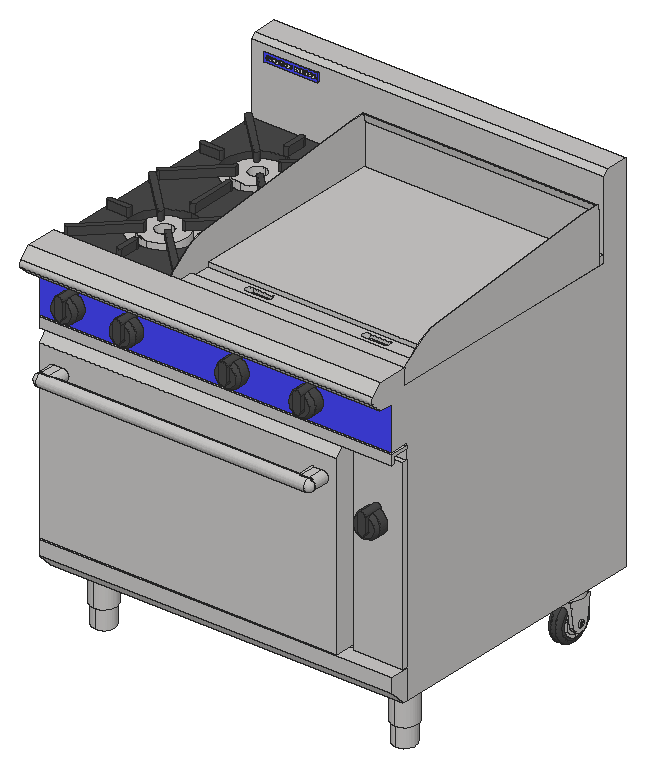
Revit family "QF_MOFFAT_BLUESEAL_CE_G506B", category Specialty Equipment, Revit 2012 (continued)
Automatic sketch dimensions
  plane 9 to curve 53 = 44.134 mm
  curve 54 to curve 55 = 4.041 mm
  curve 53 to curve 52 = 8.66 mm
  curve 55 to plane 17 = 3.385 mm
  curve 53 to curve 55 = 4.041 mm
  plane 17 to curve 59 = 13.615 mm
  curve 57 to plane 17 = 3.385 mm
  curve 59 to curve 57 = 4.041 mm
  plane 17 to curve 58 = 8.615 mm
  curve 52 to curve 58 = 8.66 mm
  plane 17 to curve 57 = 1.615 mm
  curve 58 to curve 57 = 4.041 mm
  curve 66 to plane 17 = 1.385 mm
  curve 66 to plane 17 = 8.385 mm
  curve 66 to curve 66 = 4.041 mm
  plane 17 to curve 60 = 13.615 mm
  curve 67 to curve 60 = 8.66 mm
  curve 66 to curve 64 = 8.66 mm
  plane 16 to curve 60 = 26.253 mm
  curve 61 to curve 64 = 4.041 mm
  plane 17 to curve 62 = 8.615 mm
  curve 60 to curve 62 = 8.66 mm
  plane 17 to curve 62 = 1.615 mm
  curve 61 to curve 62 = 4.041 mm
  curve 65 to curve 66 = 5 mm
  plane 8 "Center X" to curve 16 = 15 mm
  curve 58 to curve 66 = 50.679 mm
  curve 20 to curve 16 = 8.27 mm
  plane 7 "Center Y" to curve 52 = 110.753 mm
  curve 15 to curve 29 = 25.97 mm
  curve 68 to plane 5 "FRONT" = 28.03 mm
  curve 4 to curve 69 = 12.5 mm
  plane 21 to Extrusion 2 sketch curve = 44 mm
  plane 18 to Extrusion 2 sketch curve = 21 mm
  Extrusion 2 sketch curve to Extrusion 2 sketch curve = 24 mm
  Extrusion 22 sketch curve to plane 21 = 6 mm
  level to Extrusion 22 sketch curve = 150 mm
  Extrusion 22 sketch curve to Extrusion 22 sketch curve = 36 mm
  plane 21 to Extrusion 22 sketch curve = 8 mm
  radius of Extrusion 6 sketch curve = 10 mm
  radius of Extrusion 31 sketch curve = 85 mm  (x2)
  radius of Extrusion 33 sketch curve = 57 mm  (x2)
  radius of Extrusion 33 sketch curve = 22 mm  (x2)
Nested families
  nested 1: "WALDORF LOGO_FACE BASE" at (32, -70, 1056.385) x (1, 0, 0) z (0, -1, 0), visible <- "Show Logo", type "WALDORF LOGO_FACE BASE", detail levels medium+fine
    with Show Logo yes
  nested 2: "GAS GRIDDLE PLATE 600" at (300, -85, 874.5), type "GAS GRIDDLE PLATE 600"
    with Width 600 mm, Type Mark "", Status "", Specification by User "", Revision Code "", Item Number "", Installed By "", Identify Quantity as Lot yes, Furnished By "", Foodservice Equipment Identifier yes, Depth 620 mm
Connectors
  piping at (770, -32, 655)
    settings: on Extrusion 6, index 4, connector radius 0.37402", flow factor 0, pipe flow 0 GPM, pressure drop 0.00 psi, fitting loss kfactor 0, connector angle 0.00°, fixture units 0, engagement length 0 mm, flow configuration 1, flow direction 1, fitting loss method 0, system type 7, joint type 0, gender type 0, connector reference index -1, connector utility 0, adjustable connector no, is connector primary yes, fitting loss table "", connector description "GAS CONNECTION"
Definition of nested family "WALDORF LOGO_FACE BASE"
  Parameters (values of type "WALDORF LOGO_FACE BASE")
    Show Logo [instance] = yes
    Default Elevation = 1219.2 mm
  Reference planes
    plane 1 "Center (Front/Back)": y = 0
    plane 2: z = 0
    plane 3 "Center (Left/Right)": x = 0
  Forms (mm)
    Extrusion 1, solid
      sketch origin (0, 0, 0) x (1, 0, 0) y (0, 1, 0)
        loop
          line (-1219.2, 1219.2) -> (-1219.2, -1219.2) -> (1219.2, -1219.2) -> (1219.2, 1219.2) -> (-1219.2, 1219.2)
      from 0 to -304.8
    Extrusion 2, solid, material "QF_Finishes_Blue", visible <- "Show Logo"
      sketch origin (0, -33.217, 0) x (1, 0, 0) y (0, 1, 0)
        loop
          arc (138, 31.942) -> (137.626, 32.844) -> (136.724, 33.217) r 1.276
          line (136.724, 33.217) -> (1.29, 33.217)
          arc (1.29, 33.217) -> (0.378, 32.839) -> (0, 31.927) r 1.29
          line (0, 31.927) -> (0, 11.507)
          arc (0, 11.507) -> (0.378, 10.595) -> (1.29, 10.217) r 1.29
          line (1.29, 10.217) -> (136.71, 10.217)
          arc (136.71, 10.217) -> (137.622, 10.595) -> (138, 11.507) r 1.29
          line (138, 11.507) -> (138, 31.942)
      from 0 to 1.588
    Extrusion 3, solid, material "QF_Finishes_White", visible <- "Show Logo"
      sketch origin (0, -33.217, 1.588) x (1, 0, 0) y (0, 1, 0)
        loop
          arc (108.946, 25.919) -> (107.613, 25.367) -> (107.061, 24.034) r 1.885
          line (107.061, 24.034) -> (107.061, 17.211) -> (112.704, 17.211) -> (112.704, 19.129) -> (115.546, 19.129) -> (115.546, 17.211) -> (121.584, 17.211) -> (121.584, 24.075)
          arc (121.584, 24.075) -> (121.043, 25.379) -> (119.739, 25.919) r 1.845
          line (119.739, 25.919) -> (108.946, 25.919)
        loop
          line (123.478, 25.919) -> (123.478, 17.163) -> (134.904, 17.163) -> (134.904, 19.129) -> (129.246, 19.129) -> (129.246, 25.919) -> (123.478, 25.919)
        loop
          line (112.704, 21.258) -> (115.546, 21.258) -> (115.546, 22.702)
          arc (115.546, 22.702) -> (115.344, 23.188) -> (114.858, 23.389) r 0.687
          line (114.858, 23.389) -> (113.363, 23.389)
          arc (113.363, 23.389) -> (112.897, 23.196) -> (112.704, 22.73) r 0.658
          line (112.704, 22.73) -> (112.704, 21.258)
        loop
          line (105.071, 25.919) -> (93.771, 25.919) -> (93.771, 17.163) -> (105.071, 17.163) -> (105.071, 19.063) -> (99.535, 19.063) -> (99.535, 20.437) -> (105.071, 20.437) -> (105.071, 22.278) -> (99.535, 22.278) -> (99.535, 23.587) -> (105.071, 23.587) -> (105.071, 25.919)
        loop
          line (91.104, 25.919) -> (79.541, 25.919)
          arc (79.541, 25.919) -> (78.558, 25.513) -> (78.152, 24.53) r 1.389
          line (78.152, 24.53) -> (78.152, 22.08)
          arc (78.152, 22.08) -> (78.558, 21.098) -> (79.541, 20.691) r 1.389
          line (79.541, 20.691) -> (86.346, 20.691) -> (86.346, 18.864) -> (83.266, 18.864) -> (83.266, 19.664) -> (78.152, 19.664) -> (78.152, 18.553)
          arc (78.152, 18.553) -> (78.558, 17.57) -> (79.541, 17.163) r 1.389
          line (79.541, 17.163) -> (91.063, 17.163)
          arc (91.063, 17.163) -> (92.045, 17.57) -> (92.452, 18.553) r 1.389
          line (92.452, 18.553) -> (92.452, 20.691)
          arc (92.452, 20.691) -> (92.045, 21.673) -> (91.063, 22.08) r 1.389
          line (91.063, 22.08) -> (83.266, 22.08) -> (83.266, 23.984) -> (86.346, 23.984) -> (86.346, 22.743) -> (92.452, 22.743) -> (92.452, 24.571)
          arc (92.452, 24.571) -> (92.057, 25.524) -> (91.104, 25.919) r 1.348
        loop
          line (70.705, 25.919) -> (59.405, 25.919) -> (59.405, 17.163) -> (70.705, 17.163) -> (70.705, 19.063) -> (65.169, 19.063) -> (65.169, 20.437) -> (70.705, 20.437) -> (70.705, 22.278) -> (65.169, 22.278) -> (65.169, 23.587) -> (70.705, 23.587) -> (70.705, 25.919)
        loop
          line (57.598, 25.919) -> (51.7, 25.919) -> (51.7, 20.18)
          arc (51.7, 20.18) -> (50.63, 19.11) -> (49.56, 20.18) r 1.07
          line (49.56, 20.18) -> (49.56, 25.919) -> (43.663, 25.919) -> (43.663, 19.049)
          arc (43.663, 19.049) -> (44.215, 17.716) -> (45.548, 17.163) r 1.885
          line (45.548, 17.163) -> (55.71, 17.163)
          arc (55.71, 17.163) -> (57.045, 17.716) -> (57.598, 19.051) r 1.887
          line (57.598, 19.051) -> (57.598, 25.919)
        loop
          line (31.62, 25.919) -> (31.62, 17.163) -> (43.046, 17.163) -> (43.046, 19.129) -> (37.388, 19.129) -> (37.388, 25.919) -> (31.62, 25.919)
        loop
          line (15.969, 25.919) -> (15.969, 17.163) -> (28.693, 17.163)
          arc (28.693, 17.163) -> (29.812, 17.627) -> (30.276, 18.746) r 1.582
          line (30.276, 18.746) -> (30.276, 20.447) -> (29.48, 21.243) -> (30.276, 22.039) -> (30.276, 24.332)
          arc (30.276, 24.332) -> (29.811, 25.454) -> (28.688, 25.919) r 1.587
          line (28.688, 25.919) -> (15.969, 25.919)
        loop
          line (21.449, 24.159) -> (21.449, 22.436) -> (23.862, 22.436)
          arc (23.862, 22.436) -> (24.723, 23.298) -> (23.862, 24.159) r 0.861
          line (23.862, 24.159) -> (21.449, 24.159)
        loop
          line (21.449, 20.244) -> (21.449, 18.522) -> (23.862, 18.522)
          arc (23.862, 18.522) -> (24.723, 19.383) -> (23.862, 20.244) r 0.861
          line (23.862, 20.244) -> (21.449, 20.244)
      from 0 to 0.2
    Extrusion 4, solid, material "QF_Finishes_Blue", visible <- "Show Logo"
      sketch origin (-126.498, -31.09, 1.588) x (1, 0, 0) y (0, 1, 0)
        loop
          line (136.738, 23.522) -> (136.738, 15.1)
          arc (136.738, 15.1) -> (140.756, 19.311) -> (136.738, 23.522) r 4.216
      from 0 to 0.2
    Extrusion 5, solid, material "QF_Finishes_Red", visible <- "Show Logo"
      sketch origin (146.849, -31.09, 1.588) x (-1, 0, 0) y (0, -1, 0)
        loop
          arc (136.738, -23.522) -> (140.756, -19.311) -> (136.738, -15.1) r 4.216
          line (136.738, -15.1) -> (136.738, -23.522)
      from 0 to 0.2
  Lines and regions (mm)
    Split face 1
      outline origin (-90.35, -30.793, 1.588) x (1, 0, 0) y (0, 1, 0)
        loop
          circle (100.54, 19.013) r 4.536
  Dimensions and locks
    aligned and locked: plane 2 to Extrusion 1
    aligned and locked: level to Extrusion 1
Definition of nested family "GAS GRIDDLE PLATE 600"
  Parameters (values of type "GAS GRIDDLE PLATE 600")
    Width [instance] = 600 mm
    Weight in Pounds = 0
    URL Cutsheet = ""
    Type Mark [instance] = ""
    Status [instance] = ""
    Specification by User [instance] = ""
    Specification by Manufacturer = ""
    Serial Number = ""
    Seismic Rating = ""
    SMACNA No = ""
    Revision Code [instance] = ""
    Omniclass Number and Title = ""
    NAFEM Spec ID Number = ""
    Masterspec = ""
    Item Number [instance] = ""
    Installed By [instance] = ""
    Identify Quantity as Lot [instance] = yes
    Furnished By [instance] = ""
    Foodservice Equipment Identifier [instance] = yes
    Depth [instance] = 620 mm
    CSI MasterFormat = ""
    CSI Master Format = ""
  Reference planes
    plane 1 "BACK": y = 0
    plane 2: z = 0
    plane 3 "LEFT": x = 0
    plane 4 "RIGHT": x = 600
    plane 5 "FRONT": y = -620
    plane 6 "TOP": z = 142.5
    plane 7 "Center Y": x = 300
    plane 8 "Center X": y = -310
    plane 9: y = -530.997
    plane 10: y = -541.497
    plane 11: y = -503.25
    plane 12: y = -557.737
  Forms (mm)
    Extrusion 1, solid, material "QF_Finishes_Stainless Steel"
      sketch origin (0, 70.003, -874.5) x (0, 1, 0) y (0, 0, 1)
        loop
          line (-70, 875) -> (-70, 997.489) -> (-75.228, 1017) -> (-117.24, 1017) -> (-589.533, 971.523)
          arc (-589.533, 971.523) -> (-614.56, 965.803) -> (-637.306, 953.899) r 100
          line (-637.306, 953.899) -> (-690.003, 917) -> (-690.003, 875) -> (-70, 875)
      from 0 to 1.8
    Extrusion 2, solid, material "QF_Finishes_Stainless Steel"
      sketch origin (600, 70.003, -874.5) x (0, -1, 0) y (0, 0, 1)
        loop
          line (70, 875) -> (690.003, 875) -> (690.003, 917) -> (637.306, 953.899)
          arc (637.306, 953.899) -> (614.56, 965.803) -> (589.533, 971.523) r 100
          line (589.533, 971.523) -> (117.24, 1017) -> (75.228, 1017) -> (70, 997.489) -> (70, 875)
      from 0 to 1.2
    Extrusion 3, solid, material "QF_Finishes_Stainless Steel"
      sketch origin (150, 70.003, -874.5) x (0, 1, 0) y (0, 0, 1)
        loop
          line (-55, 895) -> (-573.253, 895) -> (-573.253, 884.5) -> (-627.74, 884.5) -> (-627.74, 895) -> (-690.003, 895) -> (-690.003, 875) -> (-55, 875) -> (-55, 895)
      from -148.2 to 448.8
    Extrusion 4, void
      sketch origin (150, -541.497, 10) x (0, -1, 0) y (1, 0, 0)
        loop
          arc (-7.497, 25.113) -> (-17.497, 35.113) -> (-27.497, 25.113) r 10
          line (-27.497, 25.113) -> (-27.497, -24.887)
          arc (-27.497, -24.887) -> (-17.497, -34.887) -> (-7.497, -24.887) r 10
          line (-7.497, -24.887) -> (-7.497, 25.113)
        loop
          line (-7.497, 274.887) -> (-7.497, 324.887)
          arc (-7.497, 324.887) -> (-17.497, 334.887) -> (-27.497, 324.887) r 10
          line (-27.497, 324.887) -> (-27.497, 274.887)
          arc (-27.497, 274.887) -> (-17.497, 264.887) -> (-7.497, 274.887) r 10
      from -41.4 to 40.142
    Extrusion 5, solid, material "QF_Finishes_Stainless Steel"
      sketch origin (0, 70.003, -874.5) x (0, 1, 0) y (0, 0, 1)
        loop
          line (-70, 875) -> (-70, 997.489) -> (-75.228, 1017) -> (-76.884, 1017) -> (-71.6, 997.278) -> (-71.6, 875) -> (-70, 875)
      from 0 to 598.8
  Cuts and joins
    Extrusion 4 cuts Extrusion 3
    joined: Extrusion 1, Extrusion 2, Extrusion 3
  Lines and regions (mm)
    symbolic lines
      curve 1: line (600, -503.25, 0) -> (0, -503.25, 0)
      curve 2: line (0, -557.737, 0) -> (600, -557.737, 0)
      curve 3: line (0, -1.68, 0) -> (600, -1.68, 0)
      curve 4: line (600, -1.68, 0) -> (600, -620, 0)
      curve 5: line (0, -620, 0) -> (0, -1.68, 0)
      curve 6: line (0, -620, 0) -> (600, -620, 0)
      curve 7: arc (175.113, -534, 0) -> (185.113, -524, 0) -> (175.113, -514, 0) r 10
      curve 8: line (175.113, -514, 0) -> (125.113, -514, 0)
      curve 9: arc (125.113, -514, 0) -> (115.113, -524, 0) -> (125.113, -534, 0) r 10
      curve 10: line (125.113, -534, 0) -> (175.113, -534, 0)
      curve 11: arc (424.887, -534, 0) -> (414.887, -524, 0) -> (424.887, -514, 0) r 10
      curve 12: line (424.887, -514, 0) -> (474.887, -514, 0)
      curve 13: arc (474.887, -514, 0) -> (484.887, -524, 0) -> (474.887, -534, 0) r 10
      curve 14: line (474.887, -534, 0) -> (424.887, -534, 0)
  Dimensions and locks
    equal spacing: plane 3 "LEFT", plane 7 "Center Y", plane 4 "RIGHT"
    "Width": plane 3 "LEFT" to plane 4 "RIGHT"
    equal spacing: plane 5 "FRONT", plane 8 "Center X", plane 1 "BACK"
    "Depth": plane 5 "FRONT" to plane 1 "BACK"
    locked: Extrusion 2 to Extrusion 2 at 1.2
    aligned and locked: level to plane 2
    aligned and locked: Extrusion 2 to plane 4 "RIGHT"
    aligned and locked: curve 1 to plane 11
    aligned and locked: plane 12 to curve 2
    aligned and locked: Extrusion 5 to cut or joined group of Extrusion 1, Extrusion 2, Extrusion 3, Extrusion 4
  Automatic sketch dimensions
    Extrusion 1 sketch curve to plane 5 "FRONT" = 0 mm
    Extrusion 1 sketch curve to plane 6 "TOP" = 0 mm
    plane 12 to Extrusion 1 sketch curve = 9.566 mm
    plane 11 to Extrusion 1 sketch curve = 16.28 mm
    Extrusion 1 sketch curve to level = 2.516 mm
    plane 11 to Extrusion 1 sketch curve = 6.695 mm
    plane 1 "BACK" to Extrusion 1 sketch curve = 47.237 mm
    plane 1 "BACK" to Extrusion 1 sketch curve = 5.225 mm
    Extrusion 1 sketch curve to plane 1 "BACK" = 0.003 mm
    level to Extrusion 1 sketch curve = 0.5 mm
    Extrusion 1 sketch curve to Extrusion 1 sketch curve = 42 mm
    Extrusion 1 sketch curve to plane 6 "TOP" = 63.101 mm
    Extrusion 1 sketch curve to plane 6 "TOP" = 19.511 mm
    Extrusion 2 sketch curve to plane 6 "TOP" = 0 mm
    Extrusion 2 sketch curve to plane 5 "FRONT" = 0 mm
    plane 12 to Extrusion 2 sketch curve = 9.566 mm
    plane 11 to Extrusion 2 sketch curve = 16.28 mm
    Extrusion 2 sketch curve to level = 2.516 mm
    plane 11 to Extrusion 2 sketch curve = 6.695 mm
    plane 1 "BACK" to Extrusion 2 sketch curve = 47.237 mm
    plane 1 "BACK" to Extrusion 2 sketch curve = 5.225 mm
    Extrusion 2 sketch curve to plane 1 "BACK" = 0.003 mm
    level to Extrusion 2 sketch curve = 0.5 mm
    Extrusion 2 sketch curve to Extrusion 2 sketch curve = 42 mm
    Extrusion 2 sketch curve to plane 6 "TOP" = 63.101 mm
    Extrusion 2 sketch curve to plane 6 "TOP" = 19.511 mm
    Extrusion 3 sketch curve to plane 5 "FRONT" = 0 mm
    Extrusion 3 sketch curve to plane 12 = 0 mm
    Extrusion 3 sketch curve to plane 11 = 0 mm
    Extrusion 3 sketch curve to plane 1 "BACK" = 15.003 mm
    level to Extrusion 3 sketch curve = 0.5 mm
    level to Extrusion 3 sketch curve = 10 mm
    Extrusion 3 sketch curve to Extrusion 3 sketch curve = 10.5 mm  (x2)
    plane 1 "BACK" to Extrusion 5 sketch curve = 5.225 mm
    Extrusion 5 sketch curve to plane 1 "BACK" = 0.003 mm
    Extrusion 5 sketch curve to plane 6 "TOP" = 19.511 mm
    Extrusion 5 sketch curve to Extrusion 5 sketch curve = 1.6 mm
    Extrusion 5 sketch curve to Extrusion 5 sketch curve = 0.211 mm
    Extrusion 5 sketch curve to plane 6 "TOP" = 0 mm
    Extrusion 5 sketch curve to Extrusion 5 sketch curve = 1.656 mm
    level to Extrusion 5 sketch curve = 0.5 mm
    plane 11 to Extrusion 4 sketch curve = 10.75 mm  (x2)
    Extrusion 4 sketch curve to Extrusion 4 sketch curve = 10 mm  (x2)
    plane 3 "LEFT" to Extrusion 4 sketch curve = 125.113 mm
    Extrusion 4 sketch curve to Extrusion 4 sketch curve = 50 mm  (x2)
    plane 7 "Center Y" to Extrusion 4 sketch curve = 124.887 mm
    curve 6 to plane 3 "LEFT" = 0 mm
    curve 3 to plane 4 "RIGHT" = 0 mm
    plane 5 "FRONT" to curve 6 = 0 mm
    plane 11 to curve 8 = 10.75 mm
    plane 3 "LEFT" to curve 8 = 125.113 mm
    curve 10 to plane 12 = 23.737 mm
    curve 9 to curve 10 = 50 mm
    curve 11 to plane 12 = 23.737 mm
    plane 7 "Center Y" to curve 11 = 124.887 mm
    plane 11 to curve 12 = 10.75 mm
    curve 12 to curve 12 = 50 mm
    plane 1 "BACK" to curve 3 = 1.68 mm
